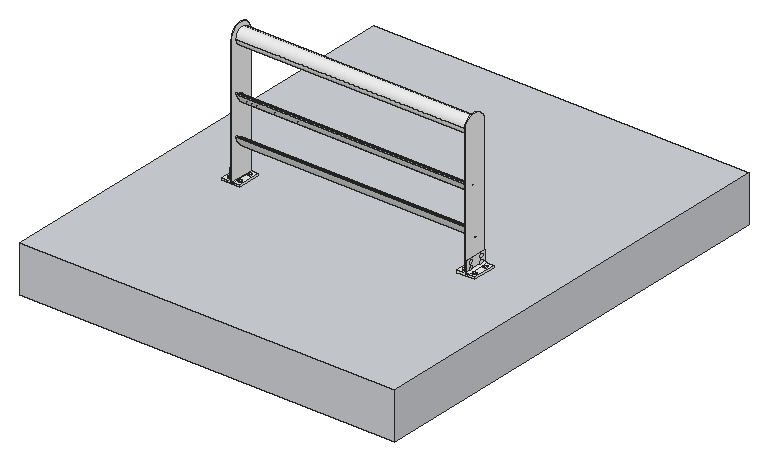
Revit family
Parameters (values of type "36" Projection")
  Warranty = "http://www.alllite-louvers.com/catalog/All-Lite-Warranty.pdf"
  URL = "http://www.alllite-louvers.com"
  Support Height = Projection - 0' 2 1/16"  # 2' - 9 15/16"
  Strut/Shroud = Extruded Aluminum
  Strut = no
  Specifications = "http://www.alllite-louvers.com/catalog/ssa-645-csi-specification.doc"
  SmartBIM Object Version = 3  # constant formula
  SmartBIM Object Created By = "Reed Construction Data"  # constant formula
  Shroud = no
  Projection = 3' - 0"
  Product URL = "http://www.alllite-louvers.com/catalog.php?model=SSA-645"
  Outrigger Width = Projection - 0' 0 1/2"  # 2' - 11 1/2"
  Outrigger Spacing = 5' - 0"
  Outrigger = "6\" high x  0.250\" thick plate with rounded front."
  Outrigger Material = Extruded Aluminum
  Mounting Bracket = "Exposed"  # constant formula
  Model Number = "SSA-645"  # constant formula
  Model = ""
  Minimum Size = "12\""
  Maximum Size - Single Section = "96\""
  Maximum Size - Multiple Section = "Unlimited"  # constant formula
  Material = "Mill finish 6063-T5 extruded aluminum"  # constant formula
  Manufacturer = "All-Lite"  # constant formula
  Fascia = "4\" diameter x  0.081\" thick round tube."
  Fascia Material = Extruded Aluminum
  Exposed Mounting Bracket = yes
  Default Elevation = 0' - 0"
  Cut Sheet = "http://www.alllite-louvers.com/catalog/SSA645.pdf"
  Concealed Mounting Bracket = not(Exposed Mounting Bracket)  # no
  Blades = "45 Deg x  0.110\" thick thick airfoil style."
  Blade Material = Extruded Aluminum
  Assembly Code = "B2010400"
  95 CSI = "10700"  # constant formula
  04 CSI = "10 71 13"  # constant formula
Types (4): name | Support Height | Projection | Outrigger Width
  36" Projection | 2' - 9 15/16" | 3' - 0" | 2' - 11 1/2"
  42" Projection | 3' - 3 15/16" | 3' - 6" | 3' - 5 1/2"
  48" Projection | 3' - 9 15/16" | 4' - 0" | 3' - 11 1/2"
  60" Projection | 4' - 9 15/16" | 5' - 0" | 4' - 11 1/2"
Reference planes (in)
  plane 1 "Center (Front/Back)": y = 0
  plane 2: z = 0
  plane 3 "Center (Left/Right)": x = 0
  plane 4: x = -30
  plane 5: x = 30
  plane 6: z = 21
  plane 7: z = 0.5
  plane 8: y = 3
  plane 9: y = -3
Forms (in)
  Extrusion 1, solid
    sketch origin (0, 0, 0) x (1, 0, 0) y (0, 1, 0)
      loop
        line (-48, 65.07681) -> (-48, -48) -> (48, -48) -> (48, 65.07681) -> (-48, 65.07681)
    from 0 to -12
Dimensions and locks (in)
  equal spacing: plane 4, plane 3 "Center (Left/Right)", plane 5
  "Outrigger Spacing": plane 4 to plane 5
  locked: plane 7 to plane 2 at 0.5
  locked: plane 8 to plane 9 at 6
  equal spacing: plane 8, plane 1 "Center (Front/Back)", plane 9
  aligned and locked: plane 2 to Extrusion 1
  aligned and locked: level to Extrusion 1
  aligned and locked: plane 1 "Center (Front/Back)" to nested 1
  aligned and locked: plane 3 "Center (Left/Right)" to nested 1
  aligned and locked: plane 4 to nested 2
  aligned and locked: nested 3 to plane 5
  aligned and locked: plane 7 to nested 1
  aligned and locked: nested 5 to plane 1 "Center (Front/Back)"
  aligned and locked: plane 4 to nested 6
  aligned and locked: plane 5 to nested 7
  aligned and locked: plane 8 to nested 6
  aligned and locked: nested 7 to plane 8
  aligned and locked: nested 2 to nested 1
  aligned and locked: nested 3 to plane 9
  aligned and locked: nested 5 to plane 4
  aligned and locked: nested 4 to plane 5
Automatic sketch dimensions
  Extrusion 1 sketch curve to Extrusion 1 sketch curve = 8' - 0"
  Extrusion 1 sketch curve to Extrusion 1 sketch curve = 9' - 5.07681"
Nested families (in)
  nested 1: "Outrigger-With-Blades" at (0, -3, 0.5) x (0, 1, 0) z (0, 0, 1), type "Outrigger-With-Blades"
    with Outrigger Spacing 5' - 0", Blade Width 4' - 11 1/2"
  nested 2: "Shroud" at (-30.62966, 2.64935, 0) x (-1, 0, 0) z (0, 0, 1), visible <- "Shroud", type "Shroud"
    with Shroud no
  nested 3: "Shroud" at (29.49534, 2.64935, 0) x (-1, 0, 0) z (0, 0, 1), visible <- "Shroud", type "Shroud"
    with Shroud no
  nested 4: "Bracket" at (30.125, 0, 0), type "Bracket"
    with Concealed Mounting Bracket no
  nested 5: "Bracket" at (-30.125, 0, 0) x (-1, 0, 0) z (0, 0, 1), type "Bracket"
    with Concealed Mounting Bracket no
  nested 6: "Strut Connection" at (-29.49534, -2.64935, 0), visible <- "Strut", type "Strut Connection"
    with Strut no, Height 2' - 9 15/16"
  nested 7: "Strut Connection" at (29.49534, -2.64935, 0) x (-1, 0, 0) z (0, 0, 1), visible <- "Strut", type "Strut Connection"
    with Strut no, Height 2' - 9 15/16"
Definition of nested family "Outrigger-With-Blades"
  Parameters (values of type "Outrigger-With-Blades")
    Projection = 2' - 11 1/2"
    Outrigger Thickness = 0' - 0 1/4"
    Outrigger Spacing = 3' - 0"
    Outrigger Material = Extruded Aluminum
    Outrigger Hight = 0' - 6"
    Fascia = Extruded Aluminum
    Blade Width = Outrigger Spacing - (2 * Outrigger Thickness)  # 2' - 11 1/2"
    Blade Material = Extruded Aluminum
    Assembly Code = ""
    #Of Blades = ((Projection - 1' 0") / 0' 10")  # 2
  Reference planes (in)
    plane 1 "Center (Front/Back)": y = 0
    plane 2: z = 0
    plane 3 "Center (Left/Right)": x = 0
    plane 4: z = 35.5
    plane 5: y = 18
    plane 6: y = -18
    plane 7: y = 17.75
    plane 8: y = -17.75
    plane 9: z = 29.5
    plane 10: x = 3
    plane 11: z = 6
    plane 12: x = 6
    plane 13: z = 16
  Forms (in)
    Extrusion 1, solid, material "Extruded Aluminum" <- "Outrigger Material"
      sketch origin (-26.08204, 18, 48) x (-1, 0, 0) y (0, 0, 1)
        loop
          arc (-26.08204, -15.5) -> (-29.08204, -12.5) -> (-32.08204, -15.5) r 3
          line (-32.08204, -15.5) -> (-32.08204, -48) -> (-26.08204, -48) -> (-26.08204, -15.5)
      from 0 to -0.25
    Extrusion 2, solid, material "Extruded Aluminum" <- "Outrigger Material"
      sketch origin (-26.08204, -18, 48) x (-1, 0, 0) y (0, 0, -1)
        loop
          line (-26.08204, 15.5) -> (-26.08204, 48) -> (-32.08204, 48) -> (-32.08204, 15.5)
          arc (-32.08204, 15.5) -> (-29.08204, 12.5) -> (-26.08204, 15.5) r 3
      from 0 to -0.25
    Extrusion 3, solid, material "Extruded Aluminum" <- "Fascia"
      sketch origin (0, 0, 0) x (1, 0, 0) y (0, 0, 1)
        loop
          circle (3, 32.5) r 2
        loop
          circle (3, 32.5) r 1.9375
      from -17.75 to 17.75
  Dimensions and locks (in)
    "Projection": plane 4 to level
    "Outrigger Hight": Extrusion 1 sketch curve to plane 3 "Center (Left/Right)"
    locked: plane 4 to Extrusion 1 sketch curve at 0
    equal spacing: plane 6, plane 1 "Center (Front/Back)", plane 5
    "Outrigger Spacing": plane 6 to plane 5
    "Outrigger Thickness": plane 5 to plane 7
    locked: plane 4 to Extrusion 2 sketch curve at 0
    "Outrigger Hight": Extrusion 2 sketch curve to plane 3 "Center (Left/Right)"
    "Outrigger Thickness": plane 6 to plane 8
    locked: plane 4 to plane 9 at 6
    locked: plane 11 to level at 6
    locked: plane 4 to Extrusion 3 sketch curve at 1
    locked: plane 4 to Extrusion 3 sketch curve at 1.0625
    "Outrigger Hight": plane 12 to plane 3 "Center (Left/Right)"
    equal spacing: plane 12, plane 10, plane 3 "Center (Left/Right)"
    locked: plane 13 to plane 11 at 10
    group 1 to group 2 = 0' - 0"  (x2)
    group 1 to group 2 = 0' - 10"
    aligned and locked: Extrusion 1 sketch curve to plane 3 "Center (Left/Right)"
    aligned and locked: Extrusion 1 to plane 7
    aligned and locked: Extrusion 2 sketch curve to level
    aligned and locked: plane 3 "Center (Left/Right)" to Extrusion 2 sketch curve
    aligned and locked: plane 7 to Extrusion 3
    aligned and locked: plane 6 to Extrusion 2
    aligned and locked: Extrusion 2 to plane 8
    aligned and locked: plane 8 to Extrusion 3
    aligned and locked: plane 11 to nested 1
    aligned and locked: nested 1 to plane 10
    aligned and locked: Extrusion 3 sketch curve to plane 10  (x2)
    aligned and locked: nested 1 to plane 1 "Center (Front/Back)"
    aligned and locked: nested 2 to plane 10
    aligned and locked: plane 13 to nested 2
  Automatic sketch dimensions
    Extrusion 1 sketch curve to level = 0' - 0"
    Extrusion 3 sketch curve to Extrusion 3 sketch curve = 0' - 0"
    radius of Extrusion 3 sketch curve = 0' - 2"
  Nested families (in)
    nested 1: "Blade" at (0.87129, 0, 6) x (0, 1, 0) z (0, 0, 1), type "Blade"
    nested 2: "Blade" at (0.87129, 0, 16) x (0, 1, 0) z (0, 0, 1), type "Blade"
  Definition of nested family "Blade"
    Parameters (values of type "Blade")
      Width = 2' - 11 1/2"
      Blades = none
      Assembly Code = ""
    Reference planes (in)
      plane 1 "Center (Front/Back)": y = 0
      plane 2: z = 0
      plane 3 "Center (Left/Right)": x = 0
      plane 4: x = -17.75
      plane 5: x = 17.75
      plane 6: y = -4.25742
      plane 7: z = 4.11259
      plane 8: z = 2.05629
      plane 9: y = -2.12871
    Forms (in)
      Extrusion 1, solid, material <- "Blades"
        sketch origin (0, -4.25742, 0) x (0, -1, 0) y (0, 0, -1)
          loop
            arc (-0.0075, -0.16351) -> (-0.0324, -0.03491) -> (-0.16004, -0.0055) r 0.12014
            arc (-0.16004, -0.0055) -> (-2.62373, -1.547) -> (-4.24911, -3.95617) r 7.00048
            arc (-4.24911, -3.95617) -> (-4.2256, -4.07774) -> (-4.10501, -4.10582) r 0.11376
            arc (-4.10501, -4.10582) -> (-1.63672, -2.57071) -> (-0.0075, -0.16351) r 6.98149
          loop
            arc (-0.06542, -0.14002) -> (-0.07737, -0.07832) -> (-0.1386, -0.06421) r 0.05764
            arc (-0.1386, -0.06421) -> (-0.67491, -0.28581) -> (-1.19082, -0.55145) r 6.93798
            arc (-1.19082, -0.55145) -> (-1.10183, -0.63717) -> (-1.07664, -0.75813) r 0.20944
            arc (-1.07664, -0.75813) -> (-1.08355, -0.77703) -> (-1.09885, -0.79011) r 0.03967
            line (-1.09885, -0.79011) -> (-1.12881, -0.80462)
            arc (-1.12881, -0.80462) -> (-1.14335, -0.80255) -> (-1.14693, -0.7883) r 0.01317
            arc (-1.14693, -0.7883) -> (-1.34648, -0.60492) -> (-1.33737, -0.87578) r 0.14694
            arc (-1.33737, -0.87578) -> (-1.32713, -0.88997) -> (-1.33609, -0.90499) r 0.01592
            line (-1.33609, -0.90499) -> (-1.3789, -0.92572)
            arc (-1.3789, -0.92572) -> (-1.4643, -0.84691) -> (-1.49455, -0.73471) r 0.20944
            arc (-1.49455, -0.73471) -> (-2.54356, -1.55671) -> (-3.41605, -2.56411) r 6.93798
            arc (-3.41605, -2.56411) -> (-3.29431, -2.60547) -> (-3.21968, -2.71017) r 0.20944
            arc (-3.21968, -2.71017) -> (-3.21865, -2.73027) -> (-3.22762, -2.74828) r 0.03967
            line (-3.22762, -2.74828) -> (-3.24953, -2.77334)
            arc (-3.24953, -2.77334) -> (-3.26373, -2.77712) -> (-3.27259, -2.7654) r 0.01317
            arc (-3.27259, -2.7654) -> (-3.52793, -2.67457) -> (-3.41371, -2.92034) r 0.14694
            arc (-3.41371, -2.92034) -> (-3.39874, -2.9294) -> (-3.40112, -2.94673) r 0.01592
            line (-3.40112, -2.94673) -> (-3.43243, -2.98254)
            arc (-3.43243, -2.98254) -> (-3.54028, -2.94447) -> (-3.61206, -2.85542) r 0.20944
            arc (-3.61206, -2.85542) -> (-3.92728, -3.40429) -> (-4.19118, -3.97961) r 6.93798
            arc (-4.19118, -3.97961) -> (-4.18058, -4.03439) -> (-4.12625, -4.04704) r 0.05126
            arc (-4.12625, -4.04704) -> (-3.54152, -3.80502) -> (-2.98135, -3.51059) r 6.91899
            arc (-2.98135, -3.51059) -> (-3.06739, -3.43551) -> (-3.10125, -3.32646) r 0.20944
            line (-3.10125, -3.32646) -> (-3.06428, -3.29652)
            arc (-3.06428, -3.29652) -> (-3.04688, -3.2948) -> (-3.0384, -3.3101) r 0.01592
            arc (-3.0384, -3.3101) -> (-2.79711, -3.43351) -> (-2.87824, -3.17493) r 0.14694
            arc (-2.87824, -3.17493) -> (-2.88962, -3.16563) -> (-2.8853, -3.15159) r 0.01317
            line (-2.8853, -3.15159) -> (-2.85943, -3.13064)
            arc (-2.85943, -3.13064) -> (-2.84109, -3.12235) -> (-2.82105, -3.12413) r 0.03967
            arc (-2.82105, -3.12413) -> (-2.71942, -3.20241) -> (-2.68249, -3.32525) r 0.20944
            arc (-2.68249, -3.32525) -> (-1.64487, -2.49158) -> (-0.78609, -1.47465) r 6.91899
            arc (-0.78609, -1.47465) -> (-0.89463, -1.43916) -> (-0.96841, -1.35201) r 0.20944
            line (-0.96841, -1.35201) -> (-0.94608, -1.31001)
            arc (-0.94608, -1.31001) -> (-0.93073, -1.30162) -> (-0.91694, -1.31239) r 0.01592
            arc (-0.91694, -1.31239) -> (-0.64662, -1.33172) -> (-0.82233, -1.12538) r 0.14694
            arc (-0.82233, -1.12538) -> (-0.83644, -1.12127) -> (-0.83795, -1.10666) r 0.01317
            line (-0.83795, -1.10666) -> (-0.82233, -1.07727)
            arc (-0.82233, -1.07727) -> (-0.80868, -1.06248) -> (-0.78954, -1.05628) r 0.03967
            arc (-0.78954, -1.05628) -> (-0.67171, -1.08477) -> (-0.5894, -1.17376) r 0.20944
            arc (-0.5894, -1.17376) -> (-0.30573, -0.66788) -> (-0.06542, -0.14002) r 6.91899
        from -17.75 to 17.75
    Dimensions and locks (in)
      equal spacing: plane 4, plane 3 "Center (Left/Right)", plane 5
      "Width": plane 4 to plane 5
      locked: plane 7 to plane 2 at 4.11259
      equal spacing: plane 7, plane 8, plane 2
      equal spacing: plane 1 "Center (Front/Back)", plane 9, plane 6
      aligned and locked: Extrusion 1 to plane 4
      aligned and locked: plane 5 to Extrusion 1
    Automatic sketch dimensions
      Extrusion 1 sketch curve to Extrusion 1 sketch curve = 0' - 0"  (x72)
      Extrusion 1 sketch curve to plane 1 "Center (Front/Back)" = 0' - 2.21977"
      plane 1 "Center (Front/Back)" to Extrusion 1 sketch curve = 0' - 0.0083"
      Extrusion 1 sketch curve to Extrusion 1 sketch curve = 0' - 0.05794"
      Extrusion 1 sketch curve to Extrusion 1 sketch curve = 0' - 0.04751"
      Extrusion 1 sketch curve to Extrusion 1 sketch curve = 0' - 0.01742"
      plane 1 "Center (Front/Back)" to Extrusion 1 sketch curve = 0' - 0.64536"
      Extrusion 1 sketch curve to Extrusion 1 sketch curve = 0' - 0.17963"
      Extrusion 1 sketch curve to Extrusion 1 sketch curve = 0' - 0.19275"
      Extrusion 1 sketch curve to Extrusion 1 sketch curve = 0' - 0.00325"
      Extrusion 1 sketch curve to Extrusion 1 sketch curve = 0' - 0.01872"
      Extrusion 1 sketch curve to Extrusion 1 sketch curve = 0' - 0.00061"
      Extrusion 1 sketch curve to Extrusion 1 sketch curve = 0' - 0.01198"
      Extrusion 1 sketch curve to Extrusion 1 sketch curve = 0' - 0.14671"
      Extrusion 1 sketch curve to Extrusion 1 sketch curve = 0' - 0.01315"
      Extrusion 1 sketch curve to Extrusion 1 sketch curve = 0' - 0.00196"
      plane 8 to Extrusion 1 sketch curve = 0' - 0.71705"
      Extrusion 1 sketch curve to Extrusion 1 sketch curve = 0' - 0.00991"
      Extrusion 1 sketch curve to Extrusion 1 sketch curve = 0' - 0.02191"
      Extrusion 1 sketch curve to Extrusion 1 sketch curve = 0' - 0.00795"
      Extrusion 1 sketch curve to Extrusion 1 sketch curve = 0' - 0.33118"
      Extrusion 1 sketch curve to Extrusion 1 sketch curve = 0' - 0.03697"
      Extrusion 1 sketch curve to Extrusion 1 sketch curve = 0' - 0.01002"
      Extrusion 1 sketch curve to Extrusion 1 sketch curve = 0' - 0.01587"
      Extrusion 1 sketch curve to Extrusion 1 sketch curve = 0' - 0.05704"
      Extrusion 1 sketch curve to Extrusion 1 sketch curve = 0' - 0.14651"
      Extrusion 1 sketch curve to Extrusion 1 sketch curve = 0' - 0.00658"
      Extrusion 1 sketch curve to Extrusion 1 sketch curve = 0' - 0.00706"
      Extrusion 1 sketch curve to Extrusion 1 sketch curve = 0' - 0.00122"
      Extrusion 1 sketch curve to Extrusion 1 sketch curve = 0' - 0.02587"
      Extrusion 1 sketch curve to Extrusion 1 sketch curve = 0' - 0.02497"
      Extrusion 1 sketch curve to Extrusion 1 sketch curve = 0' - 0.03838"
      Extrusion 1 sketch curve to Extrusion 1 sketch curve = 0' - 0.2094"
      plane 9 to Extrusion 1 sketch curve = 0' - 0.63416"
      Extrusion 1 sketch curve to Extrusion 1 sketch curve = 0' - 0.11564"
      Extrusion 1 sketch curve to Extrusion 1 sketch curve = 0' - 0.03588"
      Extrusion 1 sketch curve to Extrusion 1 sketch curve = 0' - 0.00566"
      Extrusion 1 sketch curve to Extrusion 1 sketch curve = 0' - 0.00694"
      Extrusion 1 sketch curve to Extrusion 1 sketch curve = 0' - 0.05222"
      Extrusion 1 sketch curve to Extrusion 1 sketch curve = 0' - 0.09432"
      Extrusion 1 sketch curve to Extrusion 1 sketch curve = 0' - 0.13822"
      Extrusion 1 sketch curve to Extrusion 1 sketch curve = 0' - 0.01238"
      Extrusion 1 sketch curve to Extrusion 1 sketch curve = 0' - 0.00574"
      Extrusion 1 sketch curve to Extrusion 1 sketch curve = 0' - 0.01841"
      level to Extrusion 1 sketch curve = 0' - 0.79011"
      Extrusion 1 sketch curve to Extrusion 1 sketch curve = 0' - 0.02996"
      Extrusion 1 sketch curve to Extrusion 1 sketch curve = 0' - 0.02221"
      Extrusion 1 sketch curve to Extrusion 1 sketch curve = 0' - 0.1604"
      Extrusion 1 sketch curve to Extrusion 1 sketch curve = 0' - 0.02233"
      Extrusion 1 sketch curve to Extrusion 1 sketch curve = 0' - 0.01405"
      Extrusion 1 sketch curve to Extrusion 1 sketch curve = 0' - 0.01508"
      Extrusion 1 sketch curve to Extrusion 1 sketch curve = 0' - 0.07899"
      Extrusion 1 sketch curve to Extrusion 1 sketch curve = 0' - 0.01162"
      Extrusion 1 sketch curve to Extrusion 1 sketch curve = 0' - 0.004"
      Extrusion 1 sketch curve to Extrusion 1 sketch curve = 0' - 0 1/64"
      Extrusion 1 sketch curve to Extrusion 1 sketch curve = 0' - 0.03279"
      Extrusion 1 sketch curve to Extrusion 1 sketch curve = 0' - 0.00224"
      Extrusion 1 sketch curve to Extrusion 1 sketch curve = 0' - 0.13085"
      Extrusion 1 sketch curve to Extrusion 1 sketch curve = 0' - 0.0446"
      Extrusion 1 sketch curve to Extrusion 1 sketch curve = 0' - 0.18833"
      level to Extrusion 1 sketch curve = 0' - 0.0055"
      Extrusion 1 sketch curve to plane 6 = 0' - 0.16004"
      Extrusion 1 sketch curve to Extrusion 1 sketch curve = 0' - 0.02143"
      Extrusion 1 sketch curve to Extrusion 1 sketch curve = 0' - 0.01977"
      Extrusion 1 sketch curve to Extrusion 1 sketch curve = 0' - 0.05342"
      Extrusion 1 sketch curve to Extrusion 1 sketch curve = 0' - 0.18413"
      Extrusion 1 sketch curve to Extrusion 1 sketch curve = 0' - 0.00403"
      Extrusion 1 sketch curve to Extrusion 1 sketch curve = 0' - 0.01636"
      Extrusion 1 sketch curve to Extrusion 1 sketch curve = 0' - 0.12712"
      Extrusion 1 sketch curve to Extrusion 1 sketch curve = 0' - 0.02506"
      Extrusion 1 sketch curve to Extrusion 1 sketch curve = 0' - 0.12264"
      Extrusion 1 sketch curve to Extrusion 1 sketch curve = 0' - 0.03453"
      Extrusion 1 sketch curve to Extrusion 1 sketch curve = 0' - 0.02073"
Definition of nested family "Bracket"
  Parameters
    Mounting Bracket = Extruded Aluminum
    Exposed Mounting Bracket = yes
    Concealed Mounting Bracket = yes
  Reference planes (in)
    plane 1 "Center (Front/Back)": y = 0
    plane 2: z = 0
    plane 3 "Center (Left/Right)": x = 0
    plane 4: x = 0.125
    plane 5: x = -0.125
  Forms (in)
    Extrusion 1, solid, material "Extruded Aluminum" <- "Mounting Bracket", visible <- "Exposed Mounting Bracket"
      sketch origin (0, -3, 0) x (1, 0, 0) y (0, 0, -1)
        loop
          line (0.125, -3.5) -> (0.125, -1)
          arc (0.125, -1) -> (0.27145, -0.64645) -> (0.625, -0.5) r 0.5
          line (0.625, -0.5) -> (2.25, -0.5) -> (2.25, 0) -> (-2.25, 0) -> (-2.25, -0.5) -> (-0.625, -0.5)
          arc (-0.625, -0.5) -> (-0.27145, -0.64645) -> (-0.125, -1) r 0.5
          line (-0.125, -1) -> (-0.125, -3.5) -> (0.125, -3.5)
      from 0 to 6
    Extrusion 2, solid, material "Extruded Aluminum" <- "Mounting Bracket", visible <- "Exposed Mounting Bracket"
      sketch origin (0, -3.34375, 0) x (0, 0, -1) y (0, 1, 0)
        loop
          line (-3.01381, 1.1732) -> (-2.54571, 1.1732) -> (-2.31166, 1.57859) -> (-2.54571, 1.98398) -> (-3.01381, 1.98398) -> (-3.24786, 1.57859) -> (-3.01381, 1.1732)
        loop
          line (-1.59929, 1.1732) -> (-1.13119, 1.1732) -> (-0.89714, 1.57859) -> (-1.13119, 1.98398) -> (-1.59929, 1.98398) -> (-1.83334, 1.57859) -> (-1.59929, 1.1732)
        loop
          line (-3.01381, 4.50546) -> (-2.54571, 4.50546) -> (-2.31166, 4.91085) -> (-2.54571, 5.31624) -> (-3.01381, 5.31624) -> (-3.24786, 4.91085) -> (-3.01381, 4.50546)
        loop
          line (-1.59929, 4.50546) -> (-1.13119, 4.50546) -> (-0.89714, 4.91085) -> (-1.13119, 5.31624) -> (-1.59929, 5.31624) -> (-1.83334, 4.91085) -> (-1.59929, 4.50546)
      from 0.125 to 0.25
    Extrusion 3, solid, material "Extruded Aluminum" <- "Mounting Bracket", visible <- "Exposed Mounting Bracket"
      sketch origin (0, -3.34375, 0) x (0, 0, -1) y (0, -1, 0)
        loop
          line (-3.01381, -1.1732) -> (-3.24786, -1.57859) -> (-3.01381, -1.98398) -> (-2.54571, -1.98398) -> (-2.31166, -1.57859) -> (-2.54571, -1.1732) -> (-3.01381, -1.1732)
        loop
          line (-1.59929, -1.1732) -> (-1.83334, -1.57859) -> (-1.59929, -1.98398) -> (-1.13119, -1.98398) -> (-0.89714, -1.57859) -> (-1.13119, -1.1732) -> (-1.59929, -1.1732)
        loop
          line (-3.01381, -4.50546) -> (-3.24786, -4.91085) -> (-3.01381, -5.31624) -> (-2.54571, -5.31624) -> (-2.31166, -4.91085) -> (-2.54571, -4.50546) -> (-3.01381, -4.50546)
        loop
          line (-1.59929, -4.50546) -> (-1.83334, -4.91085) -> (-1.59929, -5.31624) -> (-1.13119, -5.31624) -> (-0.89714, -4.91085) -> (-1.13119, -4.50546) -> (-1.59929, -4.50546)
      from 0.125 to 0.25
    Extrusion 4, solid, material "Extruded Aluminum" <- "Mounting Bracket", visible <- "Exposed Mounting Bracket"
      sketch origin (-4.22137, -3.34375, 0.875) x (-1, 0, 0) y (0, -1, 0)
        loop
          line (-3.20131, -1.2575) -> (-3.43536, -1.66289) -> (-3.20131, -2.06828) -> (-2.73321, -2.06828) -> (-2.49916, -1.66289) -> (-2.73321, -1.2575) -> (-3.20131, -1.2575)
        loop
          line (-3.20131, -4.56267) -> (-3.43536, -4.96806) -> (-3.20131, -5.37344) -> (-2.73321, -5.37344) -> (-2.49916, -4.96806) -> (-2.73321, -4.56267) -> (-3.20131, -4.56267)
      from -0.375 to -0.32394
    Extrusion 5, solid, material "Extruded Aluminum" <- "Mounting Bracket", visible <- "Exposed Mounting Bracket"
      sketch origin (4.22137, -3.34375, 0.875) x (1, 0, 0) y (0, 1, 0)
        loop
          line (-3.20131, 1.2575) -> (-2.73321, 1.2575) -> (-2.49916, 1.66289) -> (-2.73321, 2.06828) -> (-3.20131, 2.06828) -> (-3.43536, 1.66289) -> (-3.20131, 1.2575)
        loop
          line (-3.20131, 4.57817) -> (-2.73321, 4.57817) -> (-2.49916, 4.98355) -> (-2.73321, 5.38894) -> (-3.20131, 5.38894) -> (-3.43536, 4.98355) -> (-3.20131, 4.57817)
      from -0.375 to -0.32394
    Extrusion 6, solid, material "Extruded Aluminum" <- "Mounting Bracket", visible <- "Concealed Mounting Bracket"
      sketch origin (0, 0, 0) x (0, 1, 0) y (0, 0, 1)
        loop
          line (3, 3.5) -> (-3, 3.5) -> (-3, 0) -> (3, 0) -> (3, 3.5)
      from -0.125 to 0.125
    Extrusion 7, solid, material "Extruded Aluminum" <- "Mounting Bracket", visible <- "Concealed Mounting Bracket"
      sketch origin (-0.25, -3.34375, 0) x (0, 0, -1) y (0, -1, 0)
        loop
          line (-3.24786, -4.91085) -> (-3.01381, -5.31624) -> (-2.54571, -5.31624) -> (-2.31166, -4.91085) -> (-2.54571, -4.50546) -> (-3.01381, -4.50546) -> (-3.24786, -4.91085)
        loop
          line (-3.24786, -1.57859) -> (-3.01381, -1.98398) -> (-2.54571, -1.98398) -> (-2.31166, -1.57859) -> (-2.54571, -1.1732) -> (-3.01381, -1.1732) -> (-3.24786, -1.57859)
        loop
          line (-1.83334, -1.57859) -> (-1.59929, -1.98398) -> (-1.13119, -1.98398) -> (-0.89714, -1.57859) -> (-1.13119, -1.1732) -> (-1.59929, -1.1732) -> (-1.83334, -1.57859)
        loop
          line (-1.59929, -4.50546) -> (-1.83334, -4.91085) -> (-1.59929, -5.31624) -> (-1.13119, -5.31624) -> (-0.89714, -4.91085) -> (-1.13119, -4.50546) -> (-1.59929, -4.50546)
      from -0.375 to -0.5
    Extrusion 8, solid, material "Extruded Aluminum" <- "Mounting Bracket", visible <- "Concealed Mounting Bracket"
      sketch origin (0.25, -3.34375, 0) x (0, 0, -1) y (0, 1, 0)
        loop
          line (-3.24786, 4.91085) -> (-3.01381, 4.50546) -> (-2.54571, 4.50546) -> (-2.31166, 4.91085) -> (-2.54571, 5.31624) -> (-3.01381, 5.31624) -> (-3.24786, 4.91085)
        loop
          line (-3.24786, 1.57859) -> (-3.01381, 1.1732) -> (-2.54571, 1.1732) -> (-2.31166, 1.57859) -> (-2.54571, 1.98398) -> (-3.01381, 1.98398) -> (-3.24786, 1.57859)
        loop
          line (-1.83334, 1.57859) -> (-1.59929, 1.1732) -> (-1.13119, 1.1732) -> (-0.89714, 1.57859) -> (-1.13119, 1.98398) -> (-1.59929, 1.98398) -> (-1.83334, 1.57859)
        loop
          line (-1.59929, 4.50546) -> (-1.13119, 4.50546) -> (-0.89714, 4.91085) -> (-1.13119, 5.31624) -> (-1.59929, 5.31624) -> (-1.83334, 4.91085) -> (-1.59929, 4.50546)
      from -0.375 to -0.5
  Dimensions and locks (in)
    plane 3 "Center (Left/Right)" to plane 4 = 0' - 0 1/8"
    aligned and locked: Extrusion 2 to Extrusion 1
    aligned and locked: Extrusion 3 to Extrusion 1
    aligned and locked: Extrusion 4 to Extrusion 1
    aligned and locked: Extrusion 5 to Extrusion 1
    aligned and locked: Extrusion 1 to plane 5
    aligned and locked: Extrusion 1 to plane 4
    aligned and locked: Extrusion 6 to plane 5
    aligned and locked: Extrusion 6 to plane 4
    aligned and locked: Extrusion 1 to Extrusion 6  (x2)
    aligned and locked: Extrusion 1 to Extrusion 7
    aligned and locked: Extrusion 8 to Extrusion 1
    aligned and locked: level to Extrusion 6 sketch curve
Definition of nested family "Shroud"
  Parameters (values of type "Shroud")
    Support = Extruded Aluminum
    Shroud = yes
    Height = 2' - 9 15/16"
    Assembly Code = ""
    A = 45.00°
  Reference planes (in)
    plane 1 "Center (Front/Back)": y = 0
    plane 2: z = 0
    plane 3 "Center (Left/Right)": x = 0
    plane 4: z = 33.9375
    plane 5: x = -0.56716
  Forms (in)
    Extrusion 1, solid, material "Extruded Aluminum" <- "Support", visible <- "Shroud"
      sketch origin (0, 0, 33.9375) x (0, -0.707107, -0.707107) y (0, 0.707107, -0.707107)
        loop
          line (46.4271, 1.39128) -> (47.88564, -0.06725) -> (48.02483, -0.02996) -> (46.51535, 1.47953) -> (46.4271, 1.39128)
      from -1.16425 to -0.50466
    Extrusion 2, solid, material "Extruded Aluminum" <- "Support", visible <- "Shroud"
      sketch origin (0, -12.00474, 33.9375) x (0, -0.707107, -0.707107) y (0, 0.707107, -0.707107)
        loop
          line (37.94182, 9.87656) -> (37.02163, 8.95637) -> (37.02163, 8.08532) -> (37.46317, 7.71752) -> (39.39701, 8.42138) -> (37.94182, 9.87656)
      from -0.62966 to -0.50466
    Revolve 3, solid, material "Extruded Aluminum" <- "Support", visible <- "Shroud"
      sketch origin (-0.57205, 0, 36) x (0, -0.707107, -0.707107) y (0, 0.707107, -0.707107)
        loop
          line (46.96866, 0.80509) -> (46.89518, 1.45841) -> (4.0019, 1.45841) -> (4.0019, 0.80509) -> (5.95653, 0.80509) -> (5.99594, 0.8445) -> (6.14977, 0.8445) -> (6.14977, 0.99833) -> (7.80337, 0.99833) -> (7.80337, 0.86544) -> (43.19558, 0.86544) -> (43.19558, 0.99833) -> (44.84918, 0.99833) -> (44.84918, 0.8445) -> (45.003, 0.8445) -> (45.04241, 0.80509) -> (46.96866, 0.80509)
        axis (4.0019, 1.45841) -> (46.96866, 1.45841)
      angle from 0 to 360
    Extrusion 4, solid, material "Extruded Aluminum" <- "Support", visible <- "Shroud"
      sketch origin (0, 0, 33.9375) x (0, -0.707107, -0.707107) y (0, 0.707107, -0.707107)
        loop
          line (45.51026, 0.40331) -> (45.51026, -0.40331) -> (46.02817, -0.40331)
          arc (46.02817, -0.40331) -> (46.43148, 0) -> (46.02817, 0.40331) r 0.40331
          line (46.02817, 0.40331) -> (45.51026, 0.40331)
        loop
          circle (45.90888, 0) r 0.25
      from -0.50466 to -0.39838
    Extrusion 5, solid, material "Extruded Aluminum" <- "Support", visible <- "Shroud"
      sketch origin (0, 0, 33.9375) x (0, -0.707107, -0.707107) y (0, 0.707107, -0.707107)
        loop
          line (45.51026, 0.40331) -> (45.51026, -0.40331) -> (46.02817, -0.40331)
          arc (46.02817, -0.40331) -> (46.43148, 0) -> (46.02817, 0.40331) r 0.40331
          line (46.02817, 0.40331) -> (45.51026, 0.40331)
        loop
          circle (45.90888, 0) r 0.25
      from -0.72204 to -0.62966
    Extrusion 6, solid, material "Extruded Aluminum" <- "Support", visible <- "Shroud"
      sketch origin (0, 0, 33.9375) x (0, -0.707107, -0.707107) y (0, 0.707107, -0.707107)
        loop
          line (2.54349, 0.40331) -> (2.02558, 0.40331)
          arc (2.02558, 0.40331) -> (1.62227, 0) -> (2.02558, -0.40331) r 0.40331
          line (2.02558, -0.40331) -> (2.54349, -0.40331) -> (2.54349, 0.40331)
        loop
          circle (2.18595, 0) r 0.24295
      from -0.50466 to -0.39838
    Extrusion 7, solid, material "Extruded Aluminum" <- "Support", visible <- "Shroud"
      sketch origin (0, 0, 33.9375) x (0, -0.707107, -0.707107) y (0, 0.707107, -0.707107)
        loop
          line (2.54349, 0.65331) -> (2.04349, 0.65331)
          arc (2.04349, 0.65331) -> (2.01476, 0.65166) -> (1.98642, 0.64671) r 0.25
          arc (1.98642, 0.64671) -> (1.84757, 0.55861) -> (1.79349, 0.40331) r 0.25
          line (1.79349, 0.40331) -> (1.79349, -0.40331)
          arc (1.79349, -0.40331) -> (1.86671, -0.58009) -> (2.04349, -0.65331) r 0.25
          line (2.04349, -0.65331) -> (2.54349, -0.65331) -> (2.54349, 0.65331)
        loop
          circle (2.18595, 0) r 0.24295
      from -0.72204 to -0.62966
    Extrusion 8, solid, material "Extruded Aluminum" <- "Support", visible <- "Shroud"
      sketch origin (0, 0, 33.9375) x (0, -0.707107, -0.707107) y (0, 0.707107, -0.707107)
        loop
          line (2.71645, 0.23035) -> (-2.52129, 5.4681) -> (-3.35952, 4.62987) -> (1.87823, -0.60787)
          arc (1.87823, -0.60787) -> (2.71645, -0.60787) -> (2.71645, 0.23035) r 0.59271
        loop
          circle (2.18595, 0) r 0.24295
        loop
          circle (0.86828, 1.26818) r 0.31811
        loop
          circle (-2.55256, 4.68902) r 0.31811
      from -0.62966 to -0.50466
  Cuts and joins
    joined: Extrusion 1, Extrusion 2
    joined: Extrusion 6, Extrusion 8
  Lines and regions (in)
    reference lines
      curve 1: line (0, 0, 33.9375) -> (0, -33.9375, 0)
  Dimensions and locks (in)
    "Height": level to plane 4
    "A": angle plane 1 "Center (Front/Back)" to curve 1
    aligned and locked: plane 4 to curve 1
    aligned and locked: plane 1 "Center (Front/Back)" to curve 1
    aligned and locked: level to curve 1
  Automatic sketch dimensions
    Extrusion 1 sketch curve to curve 1 = 0' - 1.56777"
    Extrusion 1 sketch curve to Extrusion 1 sketch curve = 0' - 0.08824"
    Extrusion 1 sketch curve to curve 1 = 0' - 0.10923"
    curve 1 to Extrusion 1 sketch curve = 0' - 0.02996"  (x2)
    curve 1 to Extrusion 1 sketch curve = 0' - 0.06725"
    Extrusion 2 sketch curve to curve 1 = 0' - 0.46774"
    Extrusion 2 sketch curve to curve 1 = 0' - 2.48462"
    curve 1 to Extrusion 2 sketch curve = 0' - 0.77111"
    Extrusion 2 sketch curve to Extrusion 2 sketch curve = 0' - 0.44155"
    Extrusion 2 sketch curve to Extrusion 2 sketch curve = 0' - 0.9202"
    Extrusion 2 sketch curve to curve 1 = 0' - 0.10923"
    curve 1 to Extrusion 2 sketch curve = 0' - 0.40331"
    curve 1 to Extrusion 2 sketch curve = 0' - 0.06725"
    Extrusion 4 sketch curve to curve 1 = 0' - 0"  (x2)
    Extrusion 4 sketch curve to curve 1 = 0' - 0.40331"
    Extrusion 4 sketch curve to curve 1 = 0' - 2.48462"
    Extrusion 4 sketch curve to Extrusion 4 sketch curve = 0' - 0.51791"
    Extrusion 6 sketch curve to curve 1 = 0' - 0"  (x2)
    Extrusion 6 sketch curve to curve 1 = 0' - 0.40331"
    curve 1 to Extrusion 6 sketch curve = 0' - 2.02558"
    Extrusion 6 sketch curve to Extrusion 6 sketch curve = 0' - 0.51791"
    Revolve 3 sketch curve to plane 1 "Center (Front/Back)" = 0' - 0"
    Revolve 3 sketch curve to plane 4 = 0' - 0"
    Revolve 3 sketch curve to level = 0' - 0"
    Revolve 3 sketch curve to Revolve 3 sketch curve = 0' - 2.54349"
    Revolve 3 sketch curve to Revolve 3 sketch curve = 0' - 1.95464"
    Revolve 3 sketch curve to Revolve 3 sketch curve = 0' - 0.03941"  (x2)
    Revolve 3 sketch curve to Revolve 3 sketch curve = 0' - 0.15382"  (x4)
    Revolve 3 sketch curve to Revolve 3 sketch curve = 0' - 1.6536"  (x2)
    Revolve 3 sketch curve to Revolve 3 sketch curve = 0' - 6.2577"
    Revolve 3 sketch curve to Revolve 3 sketch curve = 0' - 1.85277"
    Revolve 3 sketch curve to Revolve 3 sketch curve = 0' - 0.07348"
    Revolve 3 sketch curve to Revolve 3 sketch curve = 0' - 0"
    Revolve 3 sketch curve to Revolve 3 sketch curve = 0' - 0.46008"  (x2)
    Revolve 3 sketch curve to Revolve 3 sketch curve = 0' - 0.13289"
    Revolve 3 sketch curve to Revolve 3 sketch curve = 0' - 0.65331"  (x2)
    Extrusion 5 sketch curve to curve 1 = 0' - 0"  (x2)
    curve 1 to Extrusion 5 sketch curve = 0' - 0.40331"
    Extrusion 5 sketch curve to curve 1 = 0' - 2.48462"
    Extrusion 5 sketch curve to Extrusion 5 sketch curve = 0' - 0.39862"
    Extrusion 5 sketch curve to Extrusion 5 sketch curve = 0' - 0.11929"
    Extrusion 4 sketch curve to Extrusion 4 sketch curve = 0' - 0.36929"
    Extrusion 4 sketch curve to Extrusion 4 sketch curve = 0' - 0.11929"
    Extrusion 6 sketch curve to Extrusion 6 sketch curve = 0' - 0.08259"
    Extrusion 6 sketch curve to Extrusion 6 sketch curve = 0' - 0.16036"
    Extrusion 8 sketch curve to Extrusion 8 sketch curve = 0' - 0"  (x2)
    Extrusion 8 sketch curve to curve 1 = 0' - 0"
    Extrusion 8 sketch curve to curve 1 = 0' - 3.35952"
    Extrusion 8 sketch curve to Extrusion 8 sketch curve = 0' - 0.80696"
    Extrusion 8 sketch curve to Extrusion 8 sketch curve = 0' - 0 1/32"
    curve 1 to Extrusion 8 sketch curve = 0' - 0.86828"
    curve 1 to Extrusion 8 sketch curve = 0' - 0.60787"
    curve 1 to Extrusion 8 sketch curve = 0' - 1.87823"
    Extrusion 8 sketch curve to Extrusion 8 sketch curve = 0' - 0.06477"
    Extrusion 8 sketch curve to Extrusion 8 sketch curve = 0' - 0.24295"
    curve 1 to Extrusion 8 sketch curve = 0' - 0.18876"
    Extrusion 8 sketch curve to Extrusion 8 sketch curve = 0' - 0.11139"
    Extrusion 8 sketch curve to curve 1 = 0' - 0.23035"
    curve 1 to Extrusion 8 sketch curve = 0' - 1.26818"
    Extrusion 8 sketch curve to Extrusion 8 sketch curve = 0' - 0.77908"
    Extrusion 7 sketch curve to Extrusion 7 sketch curve = 0' - 0"  (x2)
    Extrusion 7 sketch curve to curve 1 = 0' - 0"
    Extrusion 7 sketch curve to curve 1 = 0' - 0.40331"
    curve 1 to Extrusion 7 sketch curve = 0' - 1.79349"
    Extrusion 7 sketch curve to Extrusion 7 sketch curve = 0' - 0.19293"
    Extrusion 7 sketch curve to Extrusion 7 sketch curve = 0' - 0 1/4"
    Extrusion 7 sketch curve to Extrusion 7 sketch curve = 0' - 0.05707"
    Extrusion 7 sketch curve to Extrusion 7 sketch curve = 0' - 0.14246"
    Extrusion 7 sketch curve to Extrusion 7 sketch curve = 0' - 0 1/2"
    curve 1 to Extrusion 7 sketch curve = 0' - 0.40331"
    radius of Extrusion 5 sketch curve = 0' - 0 1/4"
    radius of Extrusion 8 sketch curve = 0' - 0.31811"  (x2)
    radius of Extrusion 7 sketch curve = 0' - 0.24295"
Definition of nested family "Strut Connection"
  Parameters
    Support = Extruded Aluminum
    Strut = yes
    Height = 2' - 0"
    A = 45.00°
  Reference planes (in)
    plane 1 "Center (Front/Back)": y = 0
    plane 2: z = 0
    plane 3 "Center (Left/Right)": x = 0
    plane 4: z = 24
    plane 5: x = -0.56716
  Forms (in)
    Extrusion 1, solid, material "Extruded Aluminum" <- "Support", visible <- "Strut"
      sketch origin (0, 0, 24) x (0, -0.707107, -0.707107) y (0, 0.707107, -0.707107)
        loop
          line (32.37336, 1.39128) -> (33.83189, -0.06725) -> (33.97108, -0.02996) -> (32.4616, 1.47953) -> (32.37336, 1.39128)
      from -1.16425 to -0.50466
    Extrusion 2, solid, material "Extruded Aluminum" <- "Support", visible <- "Strut"
      sketch origin (0, -12.00474, 24) x (0, -0.707107, -0.707107) y (0, 0.707107, -0.707107)
        loop
          line (23.88807, 9.87656) -> (22.96788, 8.95637) -> (22.96788, 8.08532) -> (23.40943, 7.71752) -> (25.34326, 8.42138) -> (23.88807, 9.87656)
      from -0.62966 to -0.50466
    Revolve 3, solid, material "Extruded Aluminum" <- "Support", visible <- "Strut"
      sketch origin (-0.57205, 0, 36) x (0, -0.707107, -0.707107) y (0, 0.707107, -0.707107)
        loop
          line (39.94179, 7.83197) -> (39.86831, 8.48528) -> (11.02877, 8.48528) -> (11.02877, 7.83197) -> (12.98341, 7.83197) -> (13.02282, 7.87138) -> (13.17664, 7.87138) -> (13.17664, 8.0252) -> (14.83024, 8.0252) -> (14.83024, 7.89231) -> (36.1687, 7.89231) -> (36.1687, 8.0252) -> (37.8223, 8.0252) -> (37.8223, 7.87138) -> (37.97613, 7.87138) -> (38.01554, 7.83197) -> (39.94179, 7.83197)
        axis (11.02877, 8.48528) -> (39.94179, 8.48528)
      angle from 0 to 360
    Extrusion 4, solid, material "Extruded Aluminum" <- "Support", visible <- "Strut"
      sketch origin (0, 0, 24) x (0, -0.707107, -0.707107) y (0, 0.707107, -0.707107)
        loop
          line (31.45651, 0.40331) -> (31.45651, -0.40331) -> (31.97442, -0.40331)
          arc (31.97442, -0.40331) -> (32.37773, 0) -> (31.97442, 0.40331) r 0.40331
          line (31.97442, 0.40331) -> (31.45651, 0.40331)
        loop
          circle (31.85513, 0) r 0.25
      from -0.50466 to -0.39838
    Extrusion 5, solid, material "Extruded Aluminum" <- "Support", visible <- "Strut"
      sketch origin (0, 0, 24) x (0, -0.707107, -0.707107) y (0, 0.707107, -0.707107)
        loop
          line (31.45651, 0.40331) -> (31.45651, -0.40331) -> (31.97442, -0.40331)
          arc (31.97442, -0.40331) -> (32.37773, 0) -> (31.97442, 0.40331) r 0.40331
          line (31.97442, 0.40331) -> (31.45651, 0.40331)
        loop
          circle (31.85513, 0) r 0.25
      from -0.72204 to -0.62966
    Extrusion 6, solid, material "Extruded Aluminum" <- "Support", visible <- "Strut"
      sketch origin (0, 0, 24) x (0, -0.707107, -0.707107) y (0, 0.707107, -0.707107)
        loop
          line (2.54349, 0.40331) -> (2.02558, 0.40331)
          arc (2.02558, 0.40331) -> (1.62227, 0) -> (2.02558, -0.40331) r 0.40331
          line (2.02558, -0.40331) -> (2.54349, -0.40331) -> (2.54349, 0.40331)
        loop
          circle (2.18595, 0) r 0.24295
      from -0.50466 to -0.39838
    Extrusion 7, solid, material "Extruded Aluminum" <- "Support", visible <- "Strut"
      sketch origin (0, 0, 24) x (0, -0.707107, -0.707107) y (0, 0.707107, -0.707107)
        loop
          line (2.54349, 0.65331) -> (2.04349, 0.65331)
          arc (2.04349, 0.65331) -> (2.01476, 0.65166) -> (1.98642, 0.64671) r 0.25
          arc (1.98642, 0.64671) -> (1.84757, 0.55861) -> (1.79349, 0.40331) r 0.25
          line (1.79349, 0.40331) -> (1.79349, -0.40331)
          arc (1.79349, -0.40331) -> (1.86671, -0.58009) -> (2.04349, -0.65331) r 0.25
          line (2.04349, -0.65331) -> (2.54349, -0.65331) -> (2.54349, 0.65331)
        loop
          circle (2.18595, 0) r 0.24295
      from -0.72204 to -0.62966
    Extrusion 8, solid, material "Extruded Aluminum" <- "Support", visible <- "Strut"
      sketch origin (0, 0, 24) x (0, -0.707107, -0.707107) y (0, 0.707107, -0.707107)
        loop
          line (2.71645, 0.23035) -> (-2.52129, 5.4681) -> (-3.35952, 4.62987) -> (1.87823, -0.60787)
          arc (1.87823, -0.60787) -> (2.71645, -0.60787) -> (2.71645, 0.23035) r 0.59271
        loop
          circle (2.18595, 0) r 0.24295
        loop
          circle (0.86828, 1.26818) r 0.31811
        loop
          circle (-2.55256, 4.68902) r 0.31811
      from -0.62966 to -0.50466
  Cuts and joins
    joined: Extrusion 1, Extrusion 2
    joined: Extrusion 6, Extrusion 8
  Lines and regions (in)
    reference lines
      curve 1: line (0, 0, 24) -> (0, -24, 0)
  Dimensions and locks (in)
    "Height": level to plane 4
    "A": angle plane 1 "Center (Front/Back)" to curve 1
    aligned and locked: plane 4 to curve 1
    aligned and locked: plane 1 "Center (Front/Back)" to curve 1
    aligned and locked: level to curve 1
  Automatic sketch dimensions
    Extrusion 1 sketch curve to curve 1 = 0' - 1.56777"
    Extrusion 1 sketch curve to Extrusion 1 sketch curve = 0' - 0.08824"
    Extrusion 1 sketch curve to curve 1 = 0' - 0.10923"
    curve 1 to Extrusion 1 sketch curve = 0' - 0.02996"  (x2)
    curve 1 to Extrusion 1 sketch curve = 0' - 0.06725"
    Extrusion 2 sketch curve to curve 1 = 0' - 0.46774"
    Extrusion 2 sketch curve to curve 1 = 0' - 2.48462"
    curve 1 to Extrusion 2 sketch curve = 0' - 0.77111"
    Extrusion 2 sketch curve to Extrusion 2 sketch curve = 0' - 0.44155"
    Extrusion 2 sketch curve to Extrusion 2 sketch curve = 0' - 0.9202"
    Extrusion 2 sketch curve to curve 1 = 0' - 0.10923"
    curve 1 to Extrusion 2 sketch curve = 0' - 0.40331"
    curve 1 to Extrusion 2 sketch curve = 0' - 0.06725"
    Extrusion 4 sketch curve to curve 1 = 0' - 0"  (x2)
    Extrusion 4 sketch curve to curve 1 = 0' - 0.40331"
    Extrusion 4 sketch curve to curve 1 = 0' - 2.48462"
    Extrusion 4 sketch curve to Extrusion 4 sketch curve = 0' - 0.51791"
    Extrusion 6 sketch curve to curve 1 = 0' - 0"  (x2)
    Extrusion 6 sketch curve to curve 1 = 0' - 0.40331"
    curve 1 to Extrusion 6 sketch curve = 0' - 2.02558"
    Extrusion 6 sketch curve to Extrusion 6 sketch curve = 0' - 0.51791"
    Revolve 3 sketch curve to plane 1 "Center (Front/Back)" = 0' - 0"
    Revolve 3 sketch curve to plane 4 = 0' - 0"
    Revolve 3 sketch curve to level = 0' - 0"
    Revolve 3 sketch curve to Revolve 3 sketch curve = 0' - 2.54349"
    Revolve 3 sketch curve to Revolve 3 sketch curve = 0' - 1.95464"
    Revolve 3 sketch curve to Revolve 3 sketch curve = 0' - 0.03941"  (x2)
    Revolve 3 sketch curve to Revolve 3 sketch curve = 0' - 0.15382"  (x4)
    Revolve 3 sketch curve to Revolve 3 sketch curve = 0' - 1.6536"  (x2)
    Revolve 3 sketch curve to Revolve 3 sketch curve = 0' - 6.2577"
    Revolve 3 sketch curve to Revolve 3 sketch curve = 0' - 1.85277"
    Revolve 3 sketch curve to Revolve 3 sketch curve = 0' - 0.07348"
    Revolve 3 sketch curve to Revolve 3 sketch curve = 0' - 0"
    Revolve 3 sketch curve to Revolve 3 sketch curve = 0' - 0.46008"  (x2)
    Revolve 3 sketch curve to Revolve 3 sketch curve = 0' - 0.13289"
    Revolve 3 sketch curve to Revolve 3 sketch curve = 0' - 0.65331"  (x2)
    Extrusion 5 sketch curve to curve 1 = 0' - 0"  (x2)
    curve 1 to Extrusion 5 sketch curve = 0' - 0.40331"
    Extrusion 5 sketch curve to curve 1 = 0' - 2.48462"
    Extrusion 5 sketch curve to Extrusion 5 sketch curve = 0' - 0.39862"
    Extrusion 5 sketch curve to Extrusion 5 sketch curve = 0' - 0.11929"
    Extrusion 4 sketch curve to Extrusion 4 sketch curve = 0' - 0.36929"
    Extrusion 4 sketch curve to Extrusion 4 sketch curve = 0' - 0.11929"
    Extrusion 6 sketch curve to Extrusion 6 sketch curve = 0' - 0.08259"
    Extrusion 6 sketch curve to Extrusion 6 sketch curve = 0' - 0.16036"
    Extrusion 8 sketch curve to Extrusion 8 sketch curve = 0' - 0"  (x2)
    Extrusion 8 sketch curve to curve 1 = 0' - 0"
    Extrusion 8 sketch curve to curve 1 = 0' - 3.35952"
    Extrusion 8 sketch curve to Extrusion 8 sketch curve = 0' - 0.80696"
    Extrusion 8 sketch curve to Extrusion 8 sketch curve = 0' - 0 1/32"
    curve 1 to Extrusion 8 sketch curve = 0' - 0.86828"
    curve 1 to Extrusion 8 sketch curve = 0' - 0.60787"
    curve 1 to Extrusion 8 sketch curve = 0' - 1.87823"
    Extrusion 8 sketch curve to Extrusion 8 sketch curve = 0' - 0.06477"
    Extrusion 8 sketch curve to Extrusion 8 sketch curve = 0' - 0.24295"
    curve 1 to Extrusion 8 sketch curve = 0' - 0.18876"
    Extrusion 8 sketch curve to Extrusion 8 sketch curve = 0' - 0.11139"
    Extrusion 8 sketch curve to curve 1 = 0' - 0.23035"
    curve 1 to Extrusion 8 sketch curve = 0' - 1.26818"
    Extrusion 8 sketch curve to Extrusion 8 sketch curve = 0' - 0.77908"
    Extrusion 7 sketch curve to Extrusion 7 sketch curve = 0' - 0"  (x2)
    Extrusion 7 sketch curve to curve 1 = 0' - 0"
    Extrusion 7 sketch curve to curve 1 = 0' - 0.40331"
    curve 1 to Extrusion 7 sketch curve = 0' - 1.79349"
    Extrusion 7 sketch curve to Extrusion 7 sketch curve = 0' - 0.19293"
    Extrusion 7 sketch curve to Extrusion 7 sketch curve = 0' - 0 1/4"
    Extrusion 7 sketch curve to Extrusion 7 sketch curve = 0' - 0.05707"
    Extrusion 7 sketch curve to Extrusion 7 sketch curve = 0' - 0.14246"
    Extrusion 7 sketch curve to Extrusion 7 sketch curve = 0' - 0 1/2"
    curve 1 to Extrusion 7 sketch curve = 0' - 0.40331"
    radius of Extrusion 5 sketch curve = 0' - 0 1/4"
    radius of Extrusion 8 sketch curve = 0' - 0.31811"  (x2)
    radius of Extrusion 7 sketch curve = 0' - 0.24295"
